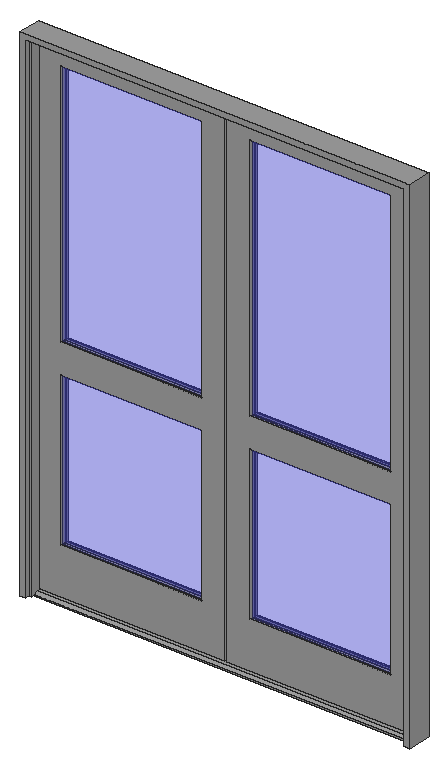
Revit family "MS-375 PIVOT DOOR-Double-VIP-1-CW_v05", category Curtain Panels, Revit 2015
Parameters
  Width [instance] = 6' - 2"
  VIP2 Panic Devices [instance] = not(VIP1 Panic Devices)  # yes
  URL = "obe.com"
  Rough Width [instance] = 6' - 0"
  Panel Width [instance] = Min Panel Width  # 6' - 0"
  Panel Offset [instance] = 0' - 0"
  Offset [instance] = 0' - 1"
  Model = "MS-375 DOOR"
  Min Rough Width [instance] = if(Rough Width > 6' 1 255/256", Rough Width, 6' 2")  # 6' - 2"
  Min Panel Width [instance] = if(Rough Width > 6' 1 255/256", Rough Width - 0' 2", 6' 0")  # 6' - 0"
  Manufacturer = "Oldcastle BuildingEnvelope®"
  Keynote = "08 11 00"
  Height [instance] = 8' - 0"
  Pushbar Height [instance] = 3' - 5 1/4"  # constant formula
  Glass Material = Glass
  Frame Material = Aluminum
  Door Panel Height [instance] = Height - 0' 0 19/32"  # 7' - 11 13/32"
  Description = "MS-375 - 1\" Door Infill"
  Assembly Code = "B2030"
  Analytic Construction = "<None>"
  VIP1 Panic Devices [instance] = no
  10 Bottom Rail [instance] = not([8 Bottom Rail])  # no
  8 Bottom Rail [instance] = yes
Reference planes (in)
  plane 1 "Front": y = 0
  plane 2: z = 0
  plane 3 "Center (Left/Right)": x = 0
  plane 4 "Left": x = -37
  plane 5 "Right": x = 37
  plane 6 "Top": z = 96
  plane 7 "Offset": y = -1
  plane 8: y = -2.28244
  plane 9: y = -2.28244
  plane 10: x = -37
  plane 11: x = 37
Forms (in)
  Sweep 1, solid, material "Aluminum" <- "Frame Material"
    path origin (0, -1, 0) x (-1, 0, 0) y (0, 0, 1)
      loop
        line (37, 0) -> (37, 96)
    profile origin (-37, -1, 48) x (1, 0, 0) y (0, 1, 0)
      loop
        line (1, -1.97) -> (1, 0) -> (0, 0) -> (0, -4.5) -> (1, -4.5) -> (1, -3.595) -> (1.5, -3.595) -> (1.5, -1.97) -> (1, -1.97)
  Sweep 2, solid, material "Aluminum" <- "Frame Material"
    path origin (0, -1, 0) x (-1, 0, 0) y (0, 0, 1)
      loop
        line (-37, 0) -> (-37, 96)
    profile origin (37, -1, 48) x (1, 0, 0) y (0, 1, 0)
      loop
        line (-1, -1.97) -> (-1.5, -1.97) -> (-1.5, -3.595) -> (-1, -3.595) -> (-1, -4.5) -> (0, -4.5) -> (0, 0) -> (-1, 0) -> (-1, -1.97)
  Extrusion 3, solid, material "Aluminum" <- "Frame Material"
    sketch origin (-37, 0, 0) x (0, -1, 0) y (0, 0, 1)
      loop
        line (2.97, 94.5) -> (4.595, 94.5) -> (4.595, 95) -> (5.5, 95) -> (5.5, 96) -> (1, 96) -> (1, 95) -> (2.97, 95) -> (2.97, 94.5)
    from -74 to 0
Cuts and joins
  joined: Sweep 1, Sweep 2, Extrusion 3
Text (in)
  text "Exterior" at (-54.29358, 31.38743, 0), in view "Ref. Level"
  text "Exterior" at (480, 41.53993, 89.60405), in view "Right"
  text "Exterior" at (-240, 57.82419, 105.78864), in view "Left"
Dimensions and locks (in)
  equal spacing: plane 4 "Left", plane 3 "Center (Left/Right)", plane 5 "Right"
  "Width": plane 4 "Left" to plane 5 "Right"
  "Height": plane 6 "Top" to plane 2
  "Offset": plane 1 "Front" to plane 7 "Offset"
  locked: plane 7 "Offset" to plane 8 at 1.28244
  locked: plane 7 "Offset" to plane 9 at 1.28244
  locked: plane 7 "Offset" to nested 3 at 1.28244
  Extrusion 3 sketch curve to Extrusion 3 sketch curve to Extrusion 3 sketch curve = 0' - 0 1/2" locked, 0' - 0" locked
  Extrusion 3 sketch curve to Extrusion 3 sketch curve to Extrusion 3 sketch curve to Extrusion 3 sketch curve = 0' - 1.97" locked, 0' - 1 5/8" locked, 0' - 0.905" locked
  locked: Extrusion 3 sketch curve to Extrusion 3 sketch curve at 1
  equal spacing: plane 10, plane 3 "Center (Left/Right)", plane 11
  "Min Rough Width": plane 10 to plane 11
  aligned and locked: level to plane 2
  aligned and locked: nested 1 to plane 8
  aligned and locked: plane 9 to nested 2
  aligned and locked: plane 6 "Top" to Sweep 1 sketch curve
  aligned and locked: level to Sweep 1 sketch curve
  aligned and locked: plane 6 "Top" to Sweep 2 sketch curve
  aligned and locked: level to Sweep 2 sketch curve
  aligned and locked: plane 6 "Top" to nested 3
  aligned and locked: Extrusion 3 to plane 6 "Top"
  aligned and locked: Extrusion 3 sketch curve to plane 6 "Top"
  aligned and locked: plane 3 "Center (Left/Right)" to nested 4
  aligned and locked: nested 4 to plane 7 "Offset"  (x2)
  aligned and locked: nested 2 to plane 10
  aligned and locked: plane 11 to nested 1
  aligned and locked: plane 11 to Sweep 2 sketch curve
  aligned and locked: Sweep 1 sketch curve to plane 10
  aligned and locked: cut or joined group of Sweep 1, Sweep 2, Extrusion 3 to plane 10
  aligned and locked: cut or joined group of Sweep 1, Sweep 2, Extrusion 3 to plane 11
Automatic sketch dimensions
  Sweep 1 sketch curve to profile plane = 0' - 0"
  Sweep 1 sketch curve to plane 7 "Offset" = 0' - 0"
  Sweep 1 sketch curve to profile plane = 0' - 1"  (x2)
  Sweep 1 sketch curve to Sweep 1 sketch curve = 0' - 0 1/2"
  Sweep 1 sketch curve to plane 7 "Offset" = 0' - 1.97"
  Sweep 1 sketch curve to Sweep 1 sketch curve = 0' - 1 5/8"
  Sweep 1 sketch curve to Sweep 1 sketch curve = 0' - 0.905"
  Sweep 2 sketch curve to plane 7 "Offset" = 0' - 0"
  Sweep 2 sketch curve to profile plane = 0' - 0"
  profile plane to Sweep 2 sketch curve = 0' - 1"  (x2)
  Sweep 2 sketch curve to Sweep 2 sketch curve = 0' - 0 1/2"
  Sweep 2 sketch curve to plane 7 "Offset" = 0' - 1.97"
  Sweep 2 sketch curve to Sweep 2 sketch curve = 0' - 1 5/8"
  Sweep 2 sketch curve to Sweep 2 sketch curve = 0' - 0.905"
  Extrusion 3 sketch curve to plane 7 "Offset" = 0' - 0"
Nested families (in)
  nested 1: "2.5x6-RTCIG CW-H8533-DHD-OHD SC-DI" at (37, -2.28244, 0) x (0, -1, 0) z (0, 0, 1), type "2.5x6-RTCIG CW-H8533-DHD-OHD SC-DI"
  nested 2: "2.5x6-RTCIG CW-H8533-DHD-OHD SC-DI" at (-37, -2.28244, 0) x (0, -1, 0) z (0, 0, 1), type "2.5x6-RTCIG CW-H8533-DHD-OHD SC-DI"
  nested 3: "2.5x6-RTCIG CW-H8533-DHD-OHD SC-DI" at (-33, -2.28244, 96) x (0, -1, 0) z (-1, 0, 0), type "2.5x6-RTCIG CW-H8533-DHD-OHD SC-DI"
  nested 4: "MS-375 PIVOT DOOR-Double-VIP-1-Panel_v04" at (0, -17, 0), Height <- "Door Panel Height", Frame Material <- "Frame Material", Glass Material <- "Glass Material", Width <- "Min Panel Width", 8 Bottom Rail <- "8 Bottom Rail", VIP 1 Panic Devices <- "VIP1 Panic Devices", type "MS-375 PIVOT DOOR-Double-VIP-1-Panel_v02"
    with Wing Width 3' - 0", built-in parameter 1001301 6' - 0", VIP 2 Panic Devices yes, VIP 1 Panic Devices no, Pushbar Height 3' - 5 1/4", Offset 0' - 0", built-in parameter 1001300 7' - 11 13/32", Glass at Muntin 0' - 4 15/16", Glass Material Glass, Frame Material Aluminum, Bottom Rail 0' - 9 5/32", 8 Bottom Rail yes, 10 Bottom Rail no
Definition of nested family "MS-375 PIVOT DOOR-Double-VIP-1-Panel_v04"
  Parameters (values of type "MS-375 PIVOT DOOR-Double-VIP-1-Panel_v02")
    Wing Width [instance] = Width / 2  # 3' - 0"
    Width [instance] = 6' - 0"
    VIP 2 Panic Devices [instance] = not(VIP 1 Panic Devices)  # no
    VIP 1 Panic Devices [instance] = yes
    Offset [instance] = 0' - 10 15/16"
    Height [instance] = 8' - 0"
    Glass at Muntin [instance] = if(VIP 2 Panic Devices, 0' 4 15/16", 0' 8 15/16")  # 0' - 8 15/16"
    Pushbar Height [instance] = 3' - 5 1/4"  # constant formula
    Glass Material [instance] = none
    Frame Material [instance] = none
    Bottom Rail [instance] = if([8 Bottom Rail], 0' 9 5/32", 0' 11 5/32")  # 0' - 9 5/32"
    Analytic Construction = "<None>"
    10 Bottom Rail [instance] = not([8 Bottom Rail])  # no
    8 Bottom Rail [instance] = yes
  Reference planes (in)
    plane 1 "00": y = 4.0625
    plane 2: z = 0
    plane 3 "Center (Left/Right)": x = 0
    plane 4: z = 96
    plane 5: x = -36
    plane 6: x = 36
    plane 7 "Center (Front/Back)": y = 16
    plane 8 "Exterior": y = 4.5625
    plane 9: z = 48
    plane 10: z = 92.96875
    plane 11: z = 9.15625
    plane 12: z = 45.71875
    plane 13: z = 36.78125
    plane 14: z = 91.99987
    plane 15: z = 0
    plane 16: y = 5.0625
    plane 17: z = 41.25
  Forms (in)
    Sweep 1, solid, material <- "Frame Material"
      path origin (0, 4.0625, 0) x (1, 0, 0) y (0, 0, 1)
        loop
          line (-35.79725, 96) -> (-0.22004, 96)
      profile origin (-18.00864, 4.0625, 96) x (0, 0, 1) y (0, -1, 0)
        loop
          line (-0.40638, -0.875) -> (-0.40638, 0.875) -> (-2.77731, 0.875) -> (-4.28138, 0.875) -> (-4.28138, 0.5) -> (-4.00013, 0.5) -> (-4.00013, -0.5) -> (-4.28138, -0.5) -> (-4.28138, -0.875) -> (-2.77731, -0.875) -> (-0.40638, -0.875)
    Sweep 2, solid, material <- "Frame Material"
      path origin (0, 4.0625, 0) x (1, 0, 0) y (0, 0, 1)
        loop
          line (-0.22004, 0) -> (-35.79725, 0)
      profile origin (-18.00864, 4.0625, 0) x (0, 0, -1) y (0, -1, 0)
        loop
          line (-5.18343, -0.875) -> (-0.6875, -0.875) -> (-0.6875, 0.875) -> (-5.18343, 0.875) -> (-9.4375, 0.875) -> (-9.4375, 0.5) -> (-9.15625, 0.5) -> (-9.15625, -0.5) -> (-9.4375, -0.5) -> (-9.4375, -0.875) -> (-5.18343, -0.875)
    Sweep 3, solid, material <- "Frame Material"
      path origin (0, 4.0625, 0) x (1, 0, 0) y (0, 0, 1)
        loop
          line (35.24042, 95.59362) -> (35.24042, 0.6875)
      profile origin (35.24042, 4.0625, 48.14056) x (0, -1, 0) y (1, 0, 0)
        loop
          line (-0.875, 0.55683) -> (-0.875, -1.4551) -> (-0.875, -3.83417) -> (-0.5, -3.83417) -> (-0.5, -3.55292) -> (0.5, -3.55292) -> (0.5, -3.83417) -> (0.875, -3.83417) -> (0.875, -1.4551) -> (0.875, 0.55683) -> (-0.875, 0.66583) -> (-0.875, 0.55683)
    Sweep 4, solid, material <- "Frame Material"
      path origin (0, 4.0625, 0) x (1, 0, 0) y (0, 0, 1)
        loop
          line (-35.25, 95.59362) -> (-35.25, 0.6875)
      profile origin (-35.25, 4.0625, 48.14056) x (0, -1, 0) y (1, 0, 0)
        loop
          line (-0.875, -0.65625) -> (0.875, -0.54725) -> (0.875, 1.46468) -> (0.875, 3.84375) -> (0.5, 3.84375) -> (0.5, 3.5625) -> (-0.5, 3.5625) -> (-0.5, 3.84375) -> (-0.875, 3.84375) -> (-0.875, 1.46468) -> (-0.875, -0.65625)
    Sweep 5, solid, material <- "Frame Material"
      path origin (0, 4.0625, 0) x (1, 0, 0) y (0, 0, 1)
        loop
          line (-0.22004, 48) -> (-35.79725, 48)
      profile origin (-18.00864, 4.0625, 48) x (0, 0, -1) y (0, -1, 0)
        loop
          line (2, -0.5) -> (2, -0.875) -> (11.5, -0.875) -> (11.5, -0.5) -> (11.21875, -0.5) -> (11.21875, 0.5) -> (11.5, 0.5) -> (11.5, 0.875) -> (2, 0.875) -> (2, 0.5) -> (2.28125, 0.5) -> (2.28125, -0.5) -> (2, -0.5)
    Sweep 6, solid, material <- "Frame Material"
      path origin (0, 4.0625, 0) x (1, 0, 0) y (0, 0, 1)
        loop
          line (0, 95.59362) -> (0, 0.6875)
      profile origin (0, 4.0625, 48.14056) x (0, -1, 0) y (1, 0, 0)
        loop
          line (-0.875, -0.22004) -> (-0.875, -2.18343) -> (-0.875, -4.5625) -> (-0.5, -4.5625) -> (-0.5, -4.28125) -> (0.5, -4.28125) -> (0.5, -4.5625) -> (0.875, -4.5625) -> (0.875, -2.18343) -> (0.875, -0.22004)
          arc (0.875, -0.22004) -> (0, -0.0625) -> (-0.875, -0.22004) r 2.50872
        loop
          arc (-0.875, 0.22004) -> (0, 0.0625) -> (0.875, 0.22004) r 2.50872
          line (0.875, 0.22004) -> (0.875, 2.18343) -> (0.875, 4.5625) -> (0.5, 4.5625) -> (0.5, 4.28125) -> (0.252, 4.28125) -> (-0.5, 4.28125) -> (-0.5, 4.5625) -> (-0.875, 4.5625) -> (-0.875, 2.18343) -> (-0.875, 0.22004)
    Sweep 7, solid, material <- "Frame Material"
      path origin (0, 4.0625, 0) x (1, 0, 0) y (0, 0, 1)
        loop
          line (0.22004, 96) -> (35.79725, 96)
      profile origin (18.00864, 4.0625, 96) x (0, 0, 1) y (0, -1, 0)
        loop
          line (-0.40638, -0.875) -> (-0.40638, 0.875) -> (-2.77731, 0.875) -> (-4.28138, 0.875) -> (-4.28138, 0.5) -> (-4.00013, 0.5) -> (-4.00013, -0.5) -> (-4.28138, -0.5) -> (-4.28138, -0.875) -> (-2.77731, -0.875) -> (-0.40638, -0.875)
    Sweep 8, solid, material <- "Frame Material"
      path origin (0, 4.0625, 0) x (1, 0, 0) y (0, 0, 1)
        loop
          line (35.79725, 48) -> (0.22004, 48)
      profile origin (18.00864, 4.0625, 48) x (0, 0, -1) y (0, -1, 0)
        loop
          line (2, -0.5) -> (2, -0.875) -> (11.5, -0.875) -> (11.5, -0.5) -> (11.21875, -0.5) -> (11.21875, 0.5) -> (11.5, 0.5) -> (11.5, 0.875) -> (2, 0.875) -> (2, 0.5) -> (2.28125, 0.5) -> (2.28125, -0.5) -> (2, -0.5)
    Sweep 9, solid, material <- "Frame Material"
      path origin (0, 4.0625, 0) x (1, 0, 0) y (0, 0, 1)
        loop
          line (35.79725, 0) -> (0.22004, 0)
      profile origin (18.00864, 4.0625, 0) x (0, 0, -1) y (0, -1, 0)
        loop
          line (-3.49593, -0.875) -> (-0.6875, -0.875) -> (-0.6875, 0.875) -> (-3.49593, 0.875) -> (-9.4375, 0.875) -> (-9.4375, 0.5) -> (-9.15625, 0.5) -> (-9.15625, -0.5) -> (-9.4375, -0.5) -> (-9.4375, -0.875) -> (-3.49593, -0.875)
    Extrusion 10, solid, material <- "Glass Material", detail levels coarse
      sketch origin (0, 0, 0) x (1, 0, 0) y (0, 1, 0)
        loop
          line (4.28125, 4.5625) -> (4.28125, 3.5625) -> (31.6875, 3.5625) -> (31.6875, 4.5625) -> (4.28125, 4.5625)
      from 36.78125 to 9.15625
    Extrusion 11, solid, material <- "Glass Material", detail levels medium+fine
      sketch origin (0, 0, 0) x (1, 0, 0) y (0, 1, 0)
        loop
          line (4.28125, 3.5625) -> (31.6875, 3.5625) -> (31.6875, 3.8105) -> (4.28125, 3.8105) -> (4.28125, 3.5625)
        loop
          line (31.6875, 4.5625) -> (4.28125, 4.5625) -> (4.28125, 4.3145) -> (31.6875, 4.3145) -> (31.6875, 4.5625)
      from 9.15625 to 36.78125
    Extrusion 12, solid, material <- "Glass Material", detail levels medium+fine
      sketch origin (0, 0, 0) x (1, 0, 0) y (0, 1, 0)
        loop
          line (4.28125, 4.5625) -> (4.28125, 4.3145) -> (31.6875, 4.3145) -> (31.6875, 4.5625) -> (4.28125, 4.5625)
        loop
          line (31.6875, 3.5625) -> (31.6875, 3.8105) -> (4.28125, 3.8105) -> (4.28125, 3.5625) -> (31.6875, 3.5625)
      from 45.71875 to 91.99987
    Extrusion 13, solid, material <- "Glass Material", detail levels coarse
      sketch origin (0, 0, 0) x (1, 0, 0) y (0, 1, 0)
        loop
          line (4.28125, 4.5625) -> (4.28125, 3.5625) -> (31.6875, 3.5625) -> (31.6875, 4.5625) -> (4.28125, 4.5625)
      from 45.71875 to 91.99987
    Extrusion 14, solid, material <- "Glass Material", detail levels medium+fine
      sketch origin (0, 0, 0) x (1, 0, 0) y (0, 1, 0)
        loop
          line (-31.6875, 3.5625) -> (-4.28125, 3.5625) -> (-4.28125, 3.8105) -> (-31.6875, 3.8105) -> (-31.6875, 3.5625)
        loop
          line (-4.28125, 4.5625) -> (-31.6875, 4.5625) -> (-31.6875, 4.3145) -> (-4.28125, 4.3145) -> (-4.28125, 4.5625)
      from 9.15625 to 36.78125
    Extrusion 15, solid, material <- "Glass Material", detail levels coarse
      sketch origin (0, 0, 0) x (1, 0, 0) y (0, 1, 0)
        loop
          line (-31.6875, 4.5625) -> (-31.6875, 3.5625) -> (-4.31233, 3.5625) -> (-4.28125, 3.5625) -> (-4.28125, 4.5625) -> (-31.6875, 4.5625)
      from 45.71875 to 91.99987
    Extrusion 16, solid, material <- "Glass Material", detail levels coarse
      sketch origin (0, 0, 0) x (1, 0, 0) y (0, 1, 0)
        loop
          line (-31.6875, 4.5625) -> (-31.6875, 3.5625) -> (-4.28125, 3.5625) -> (-4.28125, 4.5625) -> (-31.6875, 4.5625)
      from 9.15625 to 36.78125
    Extrusion 17, solid, material <- "Glass Material", detail levels medium+fine
      sketch origin (0, 0, 0) x (1, 0, 0) y (0, 1, 0)
        loop
          line (-31.6875, 4.5625) -> (-31.6875, 4.3145) -> (-4.28125, 4.3145) -> (-4.28125, 4.5625) -> (-31.6875, 4.5625)
        loop
          line (-31.6875, 3.8105) -> (-31.6875, 3.5625) -> (-4.28125, 3.5625) -> (-4.28125, 3.8105) -> (-31.6875, 3.8105)
      from 45.71875 to 91.99987
    Sweep 18, solid, material <- "Frame Material"
      path origin (0, 4.0625, 0) x (1, 0, 0) y (0, 0, 1)
        loop
          line (-35.79725, 0) -> (35.79725, 0)
      profile origin (0, 4.0625, 0) x (0, 0, 1) y (0, -1, 0)
        loop
          line (0.5, 1.5305) -> (0.19364, 2.1875) -> (0, 2.1875) -> (0, -1.8125) -> (0.19364, -1.8125) -> (0.5, -1.1555) -> (0.5, 1.5305)
  Cuts and joins
    joined: Sweep 1, Sweep 2, Sweep 3, Sweep 4, Sweep 5, Sweep 6, Sweep 7, Sweep 8, Sweep 9
  Lines and regions (in)
    model lines
      curve 1: line (4.5625, 4.5625, 91.71862) -> (31.6875, 4.5625, 48.02216)
      curve 2: line (31.6875, 4.5625, 48.02216) -> (4.5625, 4.5625, 9.4375)
      curve 3: line (-4.5625, 4.5625, 91.71862) -> (-31.40625, 4.5625, 48)
      curve 4: line (-31.40625, 4.5625, 48) -> (-4.5625, 4.5625, 9.4375)
  Dimensions and locks (in)
    "Height": plane 4 to level
    equal spacing: plane 5, plane 3 "Center (Left/Right)", plane 6
    "Width": plane 5 to plane 6
    "Offset": plane 16 to plane 7 "Center (Front/Back)"
    plane 1 "00" to plane 8 "Exterior" to plane 16 = 0' - 0 1/2" locked, 0' - 0 1/2" locked
    equal spacing: level, plane 9, plane 4
    locked: plane 3 "Center (Left/Right)" to Sweep 2 sketch curve at 0.22004
    locked: Sweep 3 sketch curve to plane 4 at 0.40638
    locked: Sweep 4 sketch curve to plane 4 at 0.40638
    locked: plane 3 "Center (Left/Right)" to Sweep 1 sketch curve at 0.22004
    locked: plane 3 "Center (Left/Right)" to Sweep 5 sketch curve at 0.22004
    locked: plane 4 to plane 10 at 3.03125
    locked: Sweep 7 sketch curve to plane 3 "Center (Left/Right)" at 0.22004
    locked: Sweep 8 sketch curve to plane 3 "Center (Left/Right)" at 0.22004
    locked: Sweep 9 sketch curve to plane 3 "Center (Left/Right)" at 0.22004
    locked: Sweep 6 sketch curve to plane 4 at 0.40638
    "Glass at Muntin": plane 12 to plane 13
    "Bottom Rail": plane 11 to plane 2
    locked: Sweep 9 sketch curve to plane 11 at 0.28125  (x2)
    Extrusion 17 to plane 1 "00" = 0' - 0.252"
    locked: Sweep 2 sketch curve to plane 11 at 0.28125  (x2)
    locked: Sweep 5 sketch curve to plane 12 at 0.28125  (x2)
    locked: plane 13 to Sweep 5 sketch curve at 0.28125  (x2)
    equal spacing: plane 4, plane 9, plane 15
    locked: plane 14 to Sweep 7 sketch curve at 0.28125  (x2)
    locked: plane 4 to plane 14 at 4.00013
    locked: Sweep 8 sketch curve to plane 12 at 0.28125  (x2)
    locked: plane 13 to Sweep 8 sketch curve at 0.28125  (x2)
    Extrusion 13 sketch curve to plane 1 "00" to Extrusion 13 sketch curve = 0' - 0 1/2" locked, 0' - 0 1/2" locked
    Extrusion 12 sketch curve to Extrusion 12 sketch curve to plane 1 "00" to Extrusion 12 sketch curve to Extrusion 12 sketch curve = 0' - 0.248" locked, 0' - 0.252" locked, 0' - 0.252" locked, 0' - 0.248" locked
    Extrusion 11 sketch curve to Extrusion 11 sketch curve to plane 1 "00" to Extrusion 11 sketch curve to Extrusion 11 sketch curve = 0' - 0.248" locked, 0' - 0.252" locked, 0' - 0.252" locked, 0' - 0.248" locked
    Extrusion 10 sketch curve to plane 1 "00" to Extrusion 10 sketch curve = 0' - 0 1/2" locked, 0' - 0 1/2" locked
    equal spacing: plane 12, plane 17, plane 13
    "Pushbar Height": plane 17 to plane 15
    locked: plane 6 to Sweep 18 sketch curve at 0.20275
    locked: Sweep 18 sketch curve to plane 5 at 0.20275
    locked: Sweep 4 sketch curve to plane 15 at 0.6875
    locked: Sweep 6 sketch curve to plane 15 at 0.6875
    locked: Sweep 3 sketch curve to plane 15 at 0.6875
    locked: nested 2 to plane 1 "00" at 1.093
    aligned and locked: plane 2 to level
    aligned and locked: Sweep 1 sketch curve to plane 4
    aligned and locked: Sweep 2 sketch curve to level
    aligned and locked: level to nested 1
    aligned and locked: nested 1 to plane 1 "00"
    aligned and locked: Sweep 5 sketch curve to plane 9
    aligned and locked: plane 3 "Center (Left/Right)" to Sweep 6 sketch curve
    aligned and locked: Sweep 9 sketch curve to level
    aligned and locked: Sweep 8 sketch curve to plane 9
    aligned and locked: plane 4 to Sweep 7 sketch curve
    aligned and locked: Sweep 8 sketch curve to plane 12
    aligned and locked: plane 13 to Sweep 8 sketch curve
    aligned and locked: plane 11 to cut or joined group of Sweep 1, Sweep 2, Sweep 3, Sweep 4, Sweep 5, Sweep 6, Sweep 7, Sweep 8, Sweep 9
    aligned and locked: Extrusion 14 to plane 11
    aligned and locked: plane 13 to Extrusion 14
    aligned and locked: Extrusion 15 to plane 12
    aligned and locked: plane 14 to Extrusion 15
    aligned and locked: Extrusion 17 to plane 12
    aligned and locked: plane 14 to Extrusion 17
    aligned and locked: Extrusion 16 to plane 11
    aligned and locked: plane 13 to Extrusion 16
    aligned and locked: cut or joined group of Sweep 1, Sweep 2, Sweep 3, Sweep 4, Sweep 5, Sweep 6, Sweep 7, Sweep 8, Sweep 9 to plane 13
    aligned and locked: Extrusion 12 to plane 12
    aligned and locked: plane 12 to cut or joined group of Sweep 1, Sweep 2, Sweep 3, Sweep 4, Sweep 5, Sweep 6, Sweep 7, Sweep 8, Sweep 9
    aligned and locked: cut or joined group of Sweep 1, Sweep 2, Sweep 3, Sweep 4, Sweep 5, Sweep 6, Sweep 7, Sweep 8, Sweep 9 to plane 14
    aligned and locked: plane 14 to Extrusion 12
    aligned and locked: plane 14 to Extrusion 13
    aligned and locked: Extrusion 13 to plane 12
    aligned and locked: Extrusion 11 to plane 11
    aligned and locked: Extrusion 10 to plane 11
    aligned and locked: Sweep 7 sketch curve to plane 14
    aligned and locked: cut or joined group of Sweep 1, Sweep 2, Sweep 3, Sweep 4, Sweep 5, Sweep 6, Sweep 7, Sweep 8, Sweep 9 to curve 2
    aligned and locked: curve 3 to cut or joined group of Sweep 1, Sweep 2, Sweep 3, Sweep 4, Sweep 5, Sweep 6, Sweep 7, Sweep 8, Sweep 9
    aligned and locked: cut or joined group of Sweep 1, Sweep 2, Sweep 3, Sweep 4, Sweep 5, Sweep 6, Sweep 7, Sweep 8, Sweep 9 to curve 4
    aligned and locked: cut or joined group of Sweep 1, Sweep 2, Sweep 3, Sweep 4, Sweep 5, Sweep 6, Sweep 7, Sweep 8, Sweep 9 to curve 1
    aligned and locked: plane 9 to curve 3
    aligned and locked: plane 13 to Extrusion 10
    aligned and locked: plane 13 to Extrusion 11
    aligned and locked: Sweep 9 sketch curve to plane 11
    aligned and locked: nested 2 to plane 3 "Center (Left/Right)"
    aligned and locked: Sweep 18 sketch curve to plane 15
  Automatic sketch dimensions
    Sweep 1 sketch curve to plane 1 "00" = 0' - 0 1/2"
    profile plane to Sweep 1 sketch curve = 0' - 4.28138"
    Sweep 1 sketch curve to Sweep 1 sketch curve = 0' - 0"
    Sweep 1 sketch curve to Sweep 1 sketch curve = 0' - 0 9/32"
    Sweep 1 sketch curve to Sweep 1 sketch curve = 0' - 1.22282"  (x2)
    profile plane to Sweep 1 sketch curve = 0' - 0.40638"
    Sweep 1 sketch curve to plane 1 "00" = 0' - 0 7/8"
    plane 1 "00" to Sweep 1 sketch curve = 0' - 0 1/2"
    Sweep 1 sketch curve to Sweep 1 sketch curve = 0' - 0 3/8"
    Sweep 5 sketch curve to plane 1 "00" = 0' - 0 7/8"
    Sweep 5 sketch curve to Sweep 5 sketch curve = 0' - 0 9/32"  (x2)
    Sweep 5 sketch curve to plane 1 "00" = 0' - 0 1/2"
    plane 1 "00" to Sweep 5 sketch curve = 0' - 0 1/2"  (x2)
    Sweep 5 sketch curve to Sweep 5 sketch curve = 0' - 0 3/8"  (x2)
    plane 1 "00" to Sweep 2 sketch curve = 0' - 0 7/8"
    plane 1 "00" to Sweep 2 sketch curve = 0' - 0 1/2"
    Sweep 2 sketch curve to Sweep 2 sketch curve = 0' - 3.97282"
    Sweep 2 sketch curve to Sweep 2 sketch curve = 0' - 0 9/32"
    Sweep 2 sketch curve to plane 1 "00" = 0' - 0 1/2"
    Sweep 2 sketch curve to Sweep 2 sketch curve = 0' - 0"
    Sweep 4 sketch curve to plane 1 "00" = 0' - 0 7/8"
    Sweep 4 sketch curve to Sweep 4 sketch curve = 0' - 0 3/8"  (x2)
    plane 1 "00" to Sweep 4 sketch curve = 0' - 0 1/2"
    profile plane to Sweep 4 sketch curve = 0' - 0 21/32"
    Sweep 4 sketch curve to Sweep 4 sketch curve = 0' - 2.12093"
    Sweep 4 sketch curve to Sweep 4 sketch curve = 0' - 0"
    Sweep 4 sketch curve to Sweep 4 sketch curve = 0' - 2.09782"
    Sweep 4 sketch curve to Sweep 4 sketch curve = 0' - 0 9/32"  (x2)
    profile plane to Sweep 4 sketch curve = 0' - 0.54725"
    plane 1 "00" to Sweep 6 sketch curve = 0' - 0"  (x2)
    Sweep 6 sketch curve to plane 1 "00" = 0' - 0 1/2"
    Sweep 6 sketch curve to plane 1 "00" = 0' - 0 7/8"  (x2)
    plane 1 "00" to Sweep 6 sketch curve = 0' - 0.252"
    Sweep 6 sketch curve to Sweep 6 sketch curve = 0' - 0.248"
    plane 1 "00" to Sweep 6 sketch curve = 0' - 0 1/2"
    Sweep 6 sketch curve to Sweep 6 sketch curve = 0' - 0 3/8"  (x3)
    profile plane to Sweep 6 sketch curve = 0' - 4 9/16"
    Sweep 6 sketch curve to Sweep 6 sketch curve = 0' - 0"  (x2)
    Sweep 6 sketch curve to Sweep 6 sketch curve = 0' - 0 9/32"  (x3)
    Sweep 6 sketch curve to Sweep 6 sketch curve = 0' - 1.71003"  (x2)
    Sweep 6 sketch curve to Sweep 6 sketch curve = 0' - 0.38779"  (x3)
    profile plane to Sweep 6 sketch curve = 0' - 0.22004"
    Sweep 6 sketch curve to profile plane = 0' - 0.22004"
    Sweep 6 sketch curve to Sweep 6 sketch curve = 0' - 1.96339"
    Sweep 3 sketch curve to plane 1 "00" = 0' - 0 7/8"
    Sweep 3 sketch curve to Sweep 3 sketch curve = 0' - 0 3/8"
    plane 1 "00" to Sweep 3 sketch curve = 0' - 0 1/2"
    plane 1 "00" to Sweep 3 sketch curve = 0' - 0 7/8"
    profile plane to Sweep 3 sketch curve = 0' - 3.83417"
    Sweep 3 sketch curve to Sweep 3 sketch curve = 0' - 0"  (x2)
    Sweep 3 sketch curve to Sweep 3 sketch curve = 0' - 0 9/32"
    Sweep 3 sketch curve to Sweep 3 sketch curve = 0' - 2.09782"
    Sweep 3 sketch curve to profile plane = 0' - 0.55683"  (x2)
    Sweep 3 sketch curve to Sweep 3 sketch curve = 0' - 0.109"
    Sweep 7 sketch curve to plane 1 "00" = 0' - 0 1/2"
    Sweep 7 sketch curve to Sweep 7 sketch curve = 0' - 1.22282"  (x2)
    profile plane to Sweep 7 sketch curve = 0' - 0.40638"
    Sweep 7 sketch curve to plane 1 "00" = 0' - 0 7/8"
    plane 1 "00" to Sweep 7 sketch curve = 0' - 0 1/2"
    Sweep 7 sketch curve to Sweep 7 sketch curve = 0' - 0 3/8"
    Sweep 9 sketch curve to plane 1 "00" = 0' - 0 7/8"
    Sweep 9 sketch curve to plane 1 "00" = 0' - 0 1/2"
    plane 1 "00" to Sweep 9 sketch curve = 0' - 0 1/2"
    Sweep 9 sketch curve to Sweep 9 sketch curve = 0' - 0"
    Sweep 9 sketch curve to Sweep 9 sketch curve = 0' - 0 3/8"
    plane 3 "Center (Left/Right)" to Extrusion 10 sketch curve = 0' - 4 9/32"
    plane 3 "Center (Left/Right)" to Extrusion 11 sketch curve = 0' - 4 9/32"
    Extrusion 11 sketch curve to Extrusion 11 sketch curve = 0' - 0"  (x2)
    plane 3 "Center (Left/Right)" to Extrusion 13 sketch curve = 0' - 4 9/32"
    plane 3 "Center (Left/Right)" to Extrusion 12 sketch curve = 0' - 4 9/32"
    Extrusion 12 sketch curve to Extrusion 12 sketch curve = 0' - 0"  (x2)
    plane 1 "00" to Extrusion 14 sketch curve = 0' - 0 1/2"
    Extrusion 14 sketch curve to plane 8 "Exterior" = 0' - 0"
    Extrusion 14 sketch curve to Extrusion 14 sketch curve = 0' - 0"  (x2)
    plane 8 "Exterior" to Extrusion 14 sketch curve = 0' - 0.248"
    Extrusion 14 sketch curve to plane 3 "Center (Left/Right)" = 0' - 4 9/32"
    Extrusion 14 sketch curve to Extrusion 14 sketch curve = 0' - 0.248"
    plane 1 "00" to Extrusion 15 sketch curve = 0' - 0 1/2"
    Extrusion 15 sketch curve to plane 3 "Center (Left/Right)" = 0' - 4.31233"
    Extrusion 15 sketch curve to Extrusion 15 sketch curve = 0' - 0.03108"
    Extrusion 15 sketch curve to plane 8 "Exterior" = 0' - 0"
    plane 1 "00" to Extrusion 16 sketch curve = 0' - 0 1/2"
    Extrusion 16 sketch curve to plane 8 "Exterior" = 0' - 0"
    Extrusion 16 sketch curve to plane 3 "Center (Left/Right)" = 0' - 4 9/32"
    Extrusion 17 sketch curve to plane 8 "Exterior" = 0' - 0"
    Extrusion 17 sketch curve to Extrusion 17 sketch curve = 0' - 0"  (x2)
    Extrusion 17 sketch curve to plane 3 "Center (Left/Right)" = 0' - 4 9/32"
    plane 8 "Exterior" to Extrusion 17 sketch curve = 0' - 0.248"
    plane 1 "00" to Extrusion 17 sketch curve = 0' - 0 1/2"
    Extrusion 17 sketch curve to Extrusion 17 sketch curve = 0' - 0.248"
    Sweep 8 sketch curve to plane 1 "00" = 0' - 0 7/8"
    Sweep 8 sketch curve to Sweep 8 sketch curve = 0' - 0 3/8"  (x3)
    plane 1 "00" to Sweep 8 sketch curve = 0' - 0 1/2"  (x2)
    curve 1 to plane 14 = 0' - 0 9/32"
    plane 3 "Center (Left/Right)" to curve 1 = 0' - 4 9/16"
    plane 9 to curve 2 = 0' - 0.02216"
    plane 11 to curve 4 = 0' - 0 9/32"
    plane 11 to curve 2 = 0' - 0 9/32"
    curve 3 to plane 14 = 0' - 0 9/32"
    plane 5 to Sweep 1 sketch curve = 0' - 0.20275"
    plane 5 to Sweep 2 sketch curve = 0' - 0.20275"
    plane 5 to Sweep 4 sketch curve = 0' - 0 3/4"
    plane 5 to Sweep 5 sketch curve = 0' - 0.20275"
    plane 5 to Extrusion 14 sketch curve = 0' - 4 5/16"
    plane 5 to Extrusion 15 sketch curve = 0' - 4 5/16"
    plane 5 to Extrusion 16 sketch curve = 0' - 4 5/16"
    plane 5 to Extrusion 17 sketch curve = 0' - 4 5/16"
    plane 5 to curve 3 = 0' - 4 19/32"
    Sweep 3 sketch curve to plane 6 = 0' - 0.75958"
    Sweep 7 sketch curve to plane 6 = 0' - 0.20275"
    Sweep 8 sketch curve to plane 6 = 0' - 0.20275"
    Sweep 9 sketch curve to plane 6 = 0' - 0.20275"
    Extrusion 10 sketch curve to plane 6 = 0' - 4 5/16"
    Extrusion 11 sketch curve to plane 6 = 0' - 4 5/16"
    Extrusion 12 sketch curve to plane 6 = 0' - 4 5/16"
    Extrusion 13 sketch curve to plane 6 = 0' - 4 5/16"
    Sweep 9 sketch curve to Sweep 9 sketch curve = 0' - 2.80843"
    profile plane to Sweep 9 sketch curve = 0' - 3.49593"
    Sweep 2 sketch curve to plane 1 "00" = 0' - 0 7/8"
    profile plane to Sweep 2 sketch curve = 0' - 0 11/16"
    Sweep 18 sketch curve to profile plane = 0' - 0.19364"  (x2)
    Sweep 18 sketch curve to plane 1 "00" = 0' - 1 13/16"
    Sweep 18 sketch curve to profile plane = 0' - 0"
    Sweep 18 sketch curve to profile plane = 0' - 0 1/2"
    Sweep 18 sketch curve to Sweep 18 sketch curve = 0' - 0.657"  (x2)
    plane 1 "00" to Sweep 18 sketch curve = 0' - 2 3/16"
  Nested families (in)
    nested 1: "MS-375 PIVOT DOOR-Double-VIP-1-Section_v02" at (0, 4.0625, 0) x (0, -1, 0) z (1, 0, 0), Height <- "Height", VIP 1 Panic Devices <- "VIP 1 Panic Devices", 8 Bottom Rail <- "8 Bottom Rail", type "MS-375 PIVOT DOOR-Double-VIP-1-Section_v02"
      with VIP 2 Panic Devices no, VIP 1 Panic Devices yes, Pushbar Height 3' - 5 1/4", Height 8' - 0", Glass at Muntins 0' - 8 15/16", Bottom Rail 0' - 9 5/32", 8 Bottom Rail yes, 10 Bottom Rail no
    nested 2: "MS-375 PIVOT DOOR-Double-VIP-1-Plan View_v02" at (-24, 4.0625, 0), Wing Width <- "Wing Width", Width <- "Width", type "MS-375 PIVOT DOOR-Double-VIP-1-Plan View_v02"
      with Wing Width 3' - 0", Width 6' - 0"
  Definition of nested family "MS-375 PIVOT DOOR-Double-VIP-1-Section_v02"
    Parameters (values of type "MS-375 PIVOT DOOR-Double-VIP-1-Sectionn_v02")
      VIP 2 Panic Devices [instance] = not(VIP 1 Panic Devices)  # no
      VIP 1 Panic Devices [instance] = yes
      Height [instance] = 8' - 0"
      Glass at Muntins [instance] = if(VIP 2 Panic Devices, 0' 4 15/16", 0' 8 15/16")  # 0' - 8 15/16"
      Pushbar Height [instance] = 3' - 5 1/4"  # constant formula
      Bottom Rail [instance] = if([10 Bottom Rail], 0' 11 5/32", 0' 9 5/32")  # 0' - 11 5/32"
      10 Bottom Rail [instance] = not([8 Bottom Rail])  # yes
      8 Bottom Rail [instance] = no
    Reference planes (in)
      plane 1 "Center (Front/Back)": y = 0
      plane 2: z = 0
      plane 3 "Center (Left/Right)": x = 0
      plane 4: y = 11.15625
      plane 5: y = 91.99987
      plane 6: y = 96
      plane 7: y = 45.71875
      plane 8: y = 36.78125
      plane 9: y = 46
      plane 10: y = 41.25
      plane 11: y = 44
    Lines and regions (in)
      detail lines, in view "Ref. Level"
        curve 1: line (-0.5, 91.99987, 0) -> (-0.5, 45.71875, 0)
        curve 10: line (0.5, 91.99987, 0) -> (0.5, 45.71875, 0)
        curve 11: line (-0.5, 36.78125, 0) -> (-0.5, 11.15625, 0)
        curve 20: line (0.5, 36.78125, 0) -> (0.5, 11.15625, 0)
      detail lines, in view "Ref. Level", detail levels fine
        curve 2: line (-0.438, 91.99987, 0) -> (-0.438, 45.71875, 0)
        curve 3: line (-0.376, 91.99987, 0) -> (-0.376, 45.71875, 0)
        curve 4: line (-0.314, 91.99987, 0) -> (-0.314, 45.71875, 0)
        curve 7: line (0.314, 91.99987, 0) -> (0.314, 45.71875, 0)
        curve 8: line (0.376, 91.99987, 0) -> (0.376, 45.71875, 0)
        curve 9: line (0.438, 91.99987, 0) -> (0.438, 45.71875, 0)
        curve 12: line (-0.438, 36.78125, 0) -> (-0.438, 11.15625, 0)
        curve 13: line (-0.376, 36.78125, 0) -> (-0.376, 11.15625, 0)
        curve 14: line (-0.314, 36.78125, 0) -> (-0.314, 11.15625, 0)
        curve 17: line (0.314, 36.78125, 0) -> (0.314, 11.15625, 0)
        curve 18: line (0.376, 36.78125, 0) -> (0.376, 11.15625, 0)
        curve 19: line (0.438, 36.78125, 0) -> (0.438, 11.15625, 0)
      detail lines, in view "Ref. Level", detail levels medium+fine
        curve 5: line (-0.252, 91.99987, 0) -> (-0.252, 45.71875, 0)
        curve 6: line (0.252, 91.99987, 0) -> (0.252, 45.71875, 0)
        curve 15: line (-0.252, 36.78125, 0) -> (-0.252, 11.15625, 0)
        curve 16: line (0.252, 36.78125, 0) -> (0.252, 11.15625, 0)
    Dimensions and locks (in)
      "Bottom Rail": plane 4 to plane 1 "Center (Front/Back)"
      "Height": plane 6 to plane 1 "Center (Front/Back)"
      "Glass at Muntins": plane 8 to plane 7
      nested 1 to plane 6 to plane 5 = 0' - 3.09362" locked, 0' - 4.00013" locked
      equal spacing: plane 8, plane 10, plane 7
      "Pushbar Height": plane 1 "Center (Front/Back)" to plane 10
      plane 10 to plane 11 to plane 9 = 0' - 2 3/4" locked, 0' - 2" locked
      aligned and locked: plane 3 "Center (Left/Right)" to nested 1
      aligned and locked: plane 3 "Center (Left/Right)" to nested 2
      aligned and locked: plane 3 "Center (Left/Right)" to nested 3
      aligned and locked: plane 3 "Center (Left/Right)" to nested 4
      aligned and locked: plane 3 "Center (Left/Right)" to nested 5
      aligned and locked: plane 1 "Center (Front/Back)" to nested 2
      aligned and locked: plane 5 to curve 1
      aligned and locked: plane 5 to curve 2
      aligned and locked: plane 5 to curve 3
      aligned and locked: plane 5 to curve 4
      aligned and locked: plane 5 to curve 5
      aligned and locked: plane 5 to curve 6
      aligned and locked: plane 5 to curve 7
      aligned and locked: plane 5 to curve 8
      aligned and locked: plane 5 to curve 9
      aligned and locked: plane 5 to curve 10
      aligned and locked: plane 7 to curve 1
      aligned and locked: plane 7 to curve 2
      aligned and locked: plane 7 to curve 3
      aligned and locked: plane 7 to curve 4
      aligned and locked: plane 7 to curve 5
      aligned and locked: plane 7 to curve 6
      aligned and locked: plane 7 to curve 7
      aligned and locked: plane 7 to curve 8
      aligned and locked: plane 7 to curve 9
      aligned and locked: plane 7 to curve 10
      aligned and locked: plane 4 to curve 11
      aligned and locked: plane 4 to curve 12
      aligned and locked: plane 4 to curve 13
      aligned and locked: plane 4 to curve 14
      aligned and locked: plane 4 to curve 15
      aligned and locked: plane 4 to curve 16
      aligned and locked: plane 4 to curve 17
      aligned and locked: plane 4 to curve 18
      aligned and locked: plane 4 to curve 19
      aligned and locked: plane 4 to curve 20
      aligned and locked: plane 8 to curve 20
      aligned and locked: plane 8 to curve 19
      aligned and locked: plane 8 to curve 18
      aligned and locked: plane 8 to curve 17
      aligned and locked: plane 8 to curve 16
      aligned and locked: plane 8 to curve 15
      aligned and locked: plane 8 to curve 14
      aligned and locked: plane 8 to curve 13
      aligned and locked: plane 8 to curve 12
      aligned and locked: plane 8 to curve 11
      aligned and locked: plane 5 to nested 1  (x11)
      aligned and locked: plane 1 "Center (Front/Back)" to nested 3
      aligned and locked: plane 9 to nested 4
      aligned and locked: plane 11 to nested 5
    Automatic sketch dimensions
      curve 1 to plane 3 "Center (Left/Right)" = 0' - 0 1/2"
      curve 11 to plane 3 "Center (Left/Right)" = 0' - 0 1/2"
      curve 1 to curve 2 = 0' - 0.062"
      curve 11 to curve 12 = 0' - 0.062"
      curve 2 to curve 3 = 0' - 0.062"
      curve 12 to curve 13 = 0' - 0.062"
      curve 13 to curve 14 = 0' - 0.062"
      curve 3 to curve 4 = 0' - 0.062"
      curve 4 to curve 5 = 0' - 0.062"
      curve 14 to curve 15 = 0' - 0.062"
      plane 3 "Center (Left/Right)" to curve 6 = 0' - 0.252"
      plane 3 "Center (Left/Right)" to curve 16 = 0' - 0.252"
      curve 6 to curve 7 = 0' - 0.062"
      curve 16 to curve 17 = 0' - 0.062"
      curve 17 to curve 18 = 0' - 0.062"
      curve 7 to curve 8 = 0' - 0.062"
      curve 8 to curve 9 = 0' - 0.062"
      curve 18 to curve 19 = 0' - 0.062"
      curve 9 to curve 10 = 0' - 0.062"
      curve 19 to curve 20 = 0' - 0.062"
    Nested families (in)
      nested 1: "TOP RAIL-DI" at (0, 99.09362, 0), type "TOP RAIL-DI", in view "Ref. Level"
      nested 2: "8 BOT RAIL-DI" at (0, 9.4375, 0), visible <- "8 Bottom Rail", type "4 BOT RAIL-DI", in view "Ref. Level"
      nested 3: "10 BOT RAIL-DI" at (0, 11.4375, 0), visible <- "10 Bottom Rail", type "6.5 BOT RAIL-DI", in view "Ref. Level"
      nested 4: "MIDRAIL-VIP1-DI" at (0, 46, 0), visible <- "VIP 1 Panic Devices", type "MIDRAIL-VIP1-DI", in view "Ref. Level"
      nested 5: "MIDRAIL-VIP2-DI" at (0, 44, 0), visible <- "VIP 2 Panic Devices", type "MIDRAIL-VIP2-DI", in view "Ref. Level"
    Definition of nested family "TOP RAIL-DI"
      Reference planes (in)
        plane 1 "Center (Front/Back)": y = 0
        plane 2: z = 0
        plane 3 "Center (Left/Right)": x = 0
      Lines and regions (in)
        detail lines, in view "Ref. Level"
          curve 1: line (-0.875, -3.625, 0) -> (0.875, -3.625, 0)
          curve 2: line (0.875, -3.625, 0) -> (0.875, -7.375, 0)
          curve 3: line (0.875, -7.375, 0) -> (0.5, -7.375, 0)
          curve 4: line (0.5, -7.375, 0) -> (0.5, -7.09375, 0)
          curve 5: line (0.5, -7.09375, 0) -> (-0.5, -7.09375, 0)
          curve 6: line (-0.5, -7.09375, 0) -> (-0.5, -7.375, 0)
          curve 7: line (-0.5, -7.375, 0) -> (-0.875, -7.375, 0)
          curve 8: line (-0.875, -7.375, 0) -> (-0.875, -3.625, 0)
    Definition of nested family "8 BOT RAIL-DI"
      Reference planes (in)
        plane 1 "Center (Front/Back)": y = 0
        plane 2: z = 0
        plane 3 "Center (Left/Right)": x = 0
      Lines and regions (in)
        detail lines, in view "Ref. Level"
          curve 1: line (-0.875, 0, 0) -> (-0.5, 0, 0)
          curve 2: line (-0.5, 0, 0) -> (-0.5, -0.28125, 0)
          curve 3: line (-0.5, -0.28125, 0) -> (0.5, -0.28125, 0)
          curve 4: line (0.5, -0.28125, 0) -> (0.5, 0, 0)
          curve 5: line (0.5, 0, 0) -> (0.875, 0, 0)
          curve 6: line (0.875, 0, 0) -> (0.875, -8.75, 0)
          curve 7: line (0.875, -8.75, 0) -> (-0.875, -8.75, 0)
          curve 8: line (-0.875, -8.75, 0) -> (-0.875, 0, 0)
          curve 9: line (-1.1555, -8.9375, 0) -> (-1.8125, -9.24386, 0)
          curve 10: line (-1.8125, -9.24386, 0) -> (-1.8125, -9.43749, 0)
          curve 11: line (-1.8125, -9.43749, 0) -> (2.1875, -9.43749, 0)
          curve 12: line (2.1875, -9.43749, 0) -> (2.1875, -9.24386, 0)
          curve 13: line (2.1875, -9.24386, 0) -> (1.5305, -8.9375, 0)
          curve 14: line (1.5305, -8.9375, 0) -> (-1.1555, -8.9375, 0)
    Definition of nested family "10 BOT RAIL-DI"
      Reference planes (in)
        plane 1 "Center (Front/Back)": y = 0
        plane 2: z = 0
        plane 3 "Center (Left/Right)": x = 0
      Lines and regions (in)
        detail lines, in view "Ref. Level"
          curve 1: line (-0.875, 0, 0) -> (-0.5, 0, 0)
          curve 2: line (-0.5, 0, 0) -> (-0.5, -0.28125, 0)
          curve 3: line (-0.5, -0.28125, 0) -> (0.5, -0.28125, 0)
          curve 4: line (0.5, -0.28125, 0) -> (0.5, 0, 0)
          curve 5: line (0.5, 0, 0) -> (0.875, 0, 0)
          curve 6: line (0.875, 0, 0) -> (0.875, -10.75, 0)
          curve 7: line (0.875, -10.75, 0) -> (-0.875, -10.75, 0)
          curve 8: line (-0.875, -10.75, 0) -> (-0.875, 0, 0)
          curve 9: line (2.1875, -11.24386, 0) -> (1.5305, -10.9375, 0)
          curve 10: line (1.5305, -10.9375, 0) -> (-1.1555, -10.9375, 0)
          curve 11: line (-1.1555, -10.9375, 0) -> (-1.8125, -11.24386, 0)
          curve 12: line (-1.8125, -11.24386, 0) -> (-1.8125, -11.43749, 0)
          curve 13: line (-1.8125, -11.43749, 0) -> (2.1875, -11.43749, 0)
          curve 14: line (2.1875, -11.43749, 0) -> (2.1875, -11.24386, 0)
    Definition of nested family "MIDRAIL-VIP1-DI"
      Reference planes (in)
        plane 1 "Center (Front/Back)": y = 0
        plane 2: z = 0
        plane 3 "Center (Left/Right)": x = 0
      Lines and regions (in)
        detail lines, in view "Ref. Level"
          curve 1: line (-0.875, 0, 0) -> (-0.5, 0, 0)
          curve 2: line (-0.5, 0, 0) -> (-0.5, -0.28125, 0)
          curve 3: line (-0.5, -0.28125, 0) -> (0.5, -0.28125, 0)
          curve 4: line (0.5, -0.28125, 0) -> (0.5, 0, 0)
          curve 5: line (0.5, 0, 0) -> (0.875, 0, 0)
          curve 6: line (0.875, 0, 0) -> (0.875, -9.5, 0)
          curve 7: line (0.875, -9.5, 0) -> (0.5, -9.5, 0)
          curve 8: line (0.5, -9.5, 0) -> (0.5, -9.21875, 0)
          curve 9: line (0.5, -9.21875, 0) -> (-0.5, -9.21875, 0)
          curve 10: line (-0.5, -9.21875, 0) -> (-0.5, -9.5, 0)
          curve 11: line (-0.5, -9.5, 0) -> (-0.875, -9.5, 0)
          curve 12: line (-0.875, -9.5, 0) -> (-0.875, 0, 0)
    Definition of nested family "MIDRAIL-VIP2-DI"
      Reference planes (in)
        plane 1 "Center (Front/Back)": y = 0
        plane 2: z = 0
        plane 3 "Center (Left/Right)": x = 0
      Lines and regions (in)
        detail lines, in view "Ref. Level"
          curve 1: line (-0.875, 0, 0) -> (-0.5, 0, 0)
          curve 2: line (-0.5, 0, 0) -> (-0.5, -0.28125, 0)
          curve 3: line (-0.5, -0.28125, 0) -> (0.5, -0.28125, 0)
          curve 4: line (0.5, -0.28125, 0) -> (0.5, 0, 0)
          curve 5: line (0.5, 0, 0) -> (0.875, 0, 0)
          curve 6: line (0.875, 0, 0) -> (0.875, -5.5, 0)
          curve 7: line (0.875, -5.5, 0) -> (0.5, -5.5, 0)
          curve 8: line (0.5, -5.5, 0) -> (0.5, -5.21875, 0)
          curve 9: line (0.5, -5.21875, 0) -> (-0.5, -5.21875, 0)
          curve 10: line (-0.5, -5.21875, 0) -> (-0.5, -5.5, 0)
          curve 11: line (-0.5, -5.5, 0) -> (-0.875, -5.5, 0)
          curve 12: line (-0.875, -5.5, 0) -> (-0.875, 0, 0)
  Definition of nested family "MS-375 PIVOT DOOR-Double-VIP-1-Plan View_v02"
    Parameters (values of type "MS-375 PIVOT DOOR-Double-VIP-1-Plan View_v02")
      Wing Width [instance] = Width / 2  # 3' - 0"
      Width [instance] = 6' - 0"
    Reference planes (in)
      plane 1 "Center (Front/Back)": y = 0
      plane 2: z = 0
      plane 3 "Center (Left/Right)": x = 24
      plane 4: x = -12
      plane 5: x = -10.6862
      plane 6: x = 58.6862
      plane 7: x = 60
      plane 8: y = 1.093
      plane 9: x = -11.9375
      plane 10: y = -1.25
      plane 11: y = -37.25
      plane 12: x = 59.9375
      plane 13: y = -1.25
    Lines and regions (in)
      detail lines, in view "Ref. Level", not visible
        curve 1: line (-7.6875, 0.5, 0) -> (19.71875, 0.5, 0)
        curve 2: line (-7.6875, -0.5, 0) -> (19.71875, -0.5, 0)
        curve 13: line (-7.6875, -0.252, 0) -> (19.71875, -0.252, 0)
        curve 14: line (-7.6875, 0.252, 0) -> (19.71875, 0.252, 0)
        curve 15: line (55.6875, 0.5, 0) -> (28.28125, 0.5, 0)
        curve 16: line (55.6875, -0.5, 0) -> (28.28125, -0.5, 0)
        curve 27: line (55.6875, -0.252, 0) -> (28.28125, -0.252, 0)
        curve 28: line (55.6875, 0.252, 0) -> (28.28125, 0.252, 0)
      detail lines, in view "Ref. Level"
        curve 3: line (-11.1862, -32.9062, 0) -> (-11.1862, -5.46875, 0)
        curve 7: line (-10.1862, -32.9062, 0) -> (-10.1862, -5.46875, 0)
        curve 17: line (59.1862, -32.9062, 0) -> (59.1862, -5.46875, 0)
        curve 21: line (58.1862, -32.9062, 0) -> (58.1862, -5.46875, 0)
        curve 29: arc (-10.6862, -37.12495, 0) -> (14.31428, -25.7331, 0) -> (23.9375, 0, 0) r 35.89677
        curve 30: arc (58.6862, -37.12495, 0) -> (33.68572, -25.7331, 0) -> (24.0625, 0, 0) r 35.89677
      detail lines, in view "Ref. Level", detail levels fine
        curve 4: line (-11.1242, -32.9062, 0) -> (-11.1242, -5.46875, 0)
        curve 5: line (-11.0622, -32.9062, 0) -> (-11.0622, -5.46875, 0)
        curve 6: line (-11.0002, -32.9062, 0) -> (-11.0002, -5.46875, 0)
        curve 8: line (-10.3722, -32.9062, 0) -> (-10.3722, -5.46875, 0)
        curve 9: line (-10.3102, -32.9062, 0) -> (-10.3102, -5.46875, 0)
        curve 10: line (-10.2482, -32.9062, 0) -> (-10.2482, -5.46875, 0)
        curve 18: line (59.1242, -32.9062, 0) -> (59.1242, -5.46875, 0)
        curve 19: line (59.0622, -32.9062, 0) -> (59.0622, -5.46875, 0)
        curve 20: line (59.0002, -32.9062, 0) -> (59.0002, -5.46875, 0)
        curve 22: line (58.3722, -32.9062, 0) -> (58.3722, -5.46875, 0)
        curve 23: line (58.3102, -32.9062, 0) -> (58.3102, -5.46875, 0)
        curve 24: line (58.2482, -32.9062, 0) -> (58.2482, -5.46875, 0)
      detail lines, in view "Ref. Level", detail levels medium+fine
        curve 11: line (-10.9382, -32.9062, 0) -> (-10.9382, -5.46875, 0)
        curve 12: line (-10.4342, -32.9062, 0) -> (-10.4342, -5.46875, 0)
        curve 25: line (58.9382, -32.9062, 0) -> (58.9382, -5.46875, 0)
        curve 26: line (58.4342, -32.9062, 0) -> (58.4342, -5.46875, 0)
    Dimensions and locks (in)
      equal spacing: plane 4, plane 3 "Center (Left/Right)", plane 7
      "Wing Width": plane 10 to plane 11
      "Wing Width": plane 13 to plane 11
      "Width": plane 4 to plane 7
      locked: plane 4 to plane 5 at 1.3138
      locked: plane 6 to plane 7 at 1.3138
      locked: plane 8 to plane 1 "Center (Front/Back)" at 1.093
      locked: plane 4 to plane 9 at 0.0625
      locked: plane 10 to plane 1 "Center (Front/Back)" at 1.25
      locked: nested 5 to plane 4 at 2.24925
      locked: nested 3 to plane 11 at 0.06255
      locked: plane 7 to nested 7 at 2.24925
      locked: nested 4 to plane 11 at 0.06255
      locked: plane 12 to plane 7 at 0.0625
      locked: plane 13 to plane 1 "Center (Front/Back)" at 1.25
      aligned and locked: nested 1 to plane 1 "Center (Front/Back)"
      aligned and locked: nested 2 to plane 1 "Center (Front/Back)"
      aligned and locked: plane 3 "Center (Left/Right)" to nested 2
      aligned and locked: nested 4 to plane 6
      aligned and locked: plane 5 to nested 3
      aligned and locked: curve 1 to nested 1
      aligned and locked: nested 1 to curve 14
      aligned and locked: nested 1 to nested 1
      aligned and locked: nested 1 to curve 13
      aligned and locked: nested 1 to curve 2
      aligned and locked: curve 15 to nested 2
      aligned and locked: nested 2 to curve 28
      aligned and locked: nested 2 to nested 2
      aligned and locked: nested 2 to curve 27
      aligned and locked: nested 2 to curve 16
      aligned and locked: nested 4 to curve 25
      aligned and locked: nested 4 to curve 20
      aligned and locked: nested 4 to curve 19
      aligned and locked: nested 4 to curve 18
      aligned and locked: nested 4 to curve 17
      aligned and locked: nested 4 to curve 26
      aligned and locked: nested 4 to curve 22
      aligned and locked: nested 4 to curve 23
      aligned and locked: nested 4 to curve 24
      aligned and locked: curve 21 to nested 4
      aligned and locked: nested 4 to nested 4
      aligned and locked: nested 3 to curve 12
      aligned and locked: nested 3 to curve 8
      aligned and locked: nested 3 to curve 9
      aligned and locked: nested 3 to curve 10
      aligned and locked: curve 7 to nested 3
      aligned and locked: nested 3 to curve 11
      aligned and locked: nested 3 to curve 6
      aligned and locked: nested 3 to curve 5
      aligned and locked: nested 3 to curve 4
      aligned and locked: nested 3 to curve 3
      aligned and locked: nested 5 to nested 5  (x3)
      aligned and locked: plane 1 "Center (Front/Back)" to nested 5
      aligned and locked: nested 6 to nested 6  (x3)
      aligned and locked: plane 5 to nested 6
      aligned and locked: nested 7 to nested 7  (x3)
      aligned and locked: nested 7 to plane 1 "Center (Front/Back)"
      aligned and locked: nested 8 to nested 8  (x3)
      aligned and locked: nested 8 to plane 6
      aligned and locked: nested 6 to plane 8
      aligned and locked: nested 8 to plane 8
    Automatic sketch dimensions
      curve 29 to plane 9 = 0' - 0"
      curve 29 to plane 5 = 0' - 0"
      plane 1 "Center (Front/Back)" to curve 29 = 0' - 0"
      plane 1 "Center (Front/Back)" to curve 30 = 0' - 0"
      curve 30 to plane 6 = 0' - 0"
      curve 29 to plane 10 = 0' - 0"
      plane 5 to curve 3 = 0' - 0 1/2"
      curve 3 to curve 4 = 0' - 0.062"
      curve 4 to curve 5 = 0' - 0.062"
      curve 5 to curve 6 = 0' - 0.062"
      curve 6 to curve 11 = 0' - 0.062"
      curve 12 to plane 5 = 0' - 0.252"
      curve 12 to curve 8 = 0' - 0.062"
      curve 8 to curve 9 = 0' - 0.062"
      curve 9 to curve 10 = 0' - 0.062"
      curve 10 to curve 7 = 0' - 0.062"
      plane 1 "Center (Front/Back)" to curve 2 = 0' - 0 1/2"
      curve 2 to plane 5 = 0' - 2.9987"
      curve 13 to curve 2 = 0' - 0"
      curve 1 to curve 13 = 0' - 0"
      curve 14 to curve 1 = 0' - 0"
      curve 29 to plane 3 "Center (Left/Right)" = 0' - 0 1/16"
      plane 3 "Center (Left/Right)" to curve 30 = 0' - 0 1/16"
      curve 15 to plane 1 "Center (Front/Back)" = 0' - 0 1/2"
      curve 15 to plane 6 = 0' - 2.9987"
      curve 28 to curve 15 = 0' - 0"
      curve 27 to curve 28 = 0' - 0"
      curve 16 to curve 27 = 0' - 0"
      curve 21 to plane 6 = 0' - 0 1/2"
      curve 21 to curve 24 = 0' - 0.062"
      curve 24 to curve 23 = 0' - 0.062"
      curve 23 to curve 22 = 0' - 0.062"
      curve 22 to curve 26 = 0' - 0.062"
      plane 6 to curve 25 = 0' - 0.252"
      curve 25 to curve 20 = 0' - 0.062"
      curve 20 to curve 19 = 0' - 0.062"
      curve 19 to curve 18 = 0' - 0.062"
      curve 18 to curve 17 = 0' - 0.062"
      curve 10 to plane 10 = 0' - 4 7/32"
      curve 12 to curve 10 = 0' - 0"
      curve 9 to curve 10 = 0' - 0"
      curve 25 to plane 10 = 0' - 4 7/32"
      curve 22 to curve 25 = 0' - 0"
      curve 8 to curve 9 = 0' - 0"
      curve 21 to curve 22 = 0' - 0"
      curve 10 to curve 7 = 0' - 0"
      curve 6 to curve 12 = 0' - 0"
      curve 21 to curve 24 = 0' - 0"
      curve 5 to curve 6 = 0' - 0"
      curve 25 to curve 17 = 0' - 0"
      curve 4 to curve 5 = 0' - 0"
      curve 18 to curve 17 = 0' - 0"
      curve 3 to curve 4 = 0' - 0"
      curve 19 to curve 18 = 0' - 0"
      curve 22 to curve 26 = 0' - 0"
      curve 20 to curve 19 = 0' - 0"
      curve 6 to curve 11 = 0' - 0"
      curve 23 to curve 22 = 0' - 0"
      plane 1 "Center (Front/Back)" to curve 16 = 0' - 0 1/2"
      curve 2 to curve 13 = 0' - 0.248"
      curve 16 to curve 27 = 0' - 0.248"
      curve 28 to curve 15 = 0' - 0.248"
      curve 14 to plane 1 "Center (Front/Back)" = 0' - 0.252"
      curve 14 to curve 1 = 0' - 0.248"
      plane 10 to curve 30 = 0' - 0"
      curve 30 to plane 12 = 0' - 0"
    Nested families (in)
      nested 1: "M STILE L-DI" at (24, 0, 0) x (-1, 0, 0) z (0, 0, 1), type "M STILE L-DI", in view "Ref. Level", not visible
      nested 2: "M STILE R-DI" at (24, 0, 0) x (-1, 0, 0) z (0, 0, 1), type "M STILE R-DI", in view "Ref. Level", not visible
      nested 3: "M STILE R-DI" at (-10.6862, -37.18745, 0) x (0, -1, 0) z (0, 0, 1), type "M STILE R-DI", in view "Ref. Level"
      nested 4: "M STILE R-DI" at (58.6862, -37.18745, 0) x (0, -1, 0) z (0, 0, 1), type "M STILE R-DI", in view "Ref. Level"
      nested 5: "HINGE-PD-DI" at (-14.24925, 0, 0), type "HINGE-PD-DI", in view "Ref. Level", not visible
      nested 6: "HINGE-PD-DI" at (-10.6862, 1.093, 0) x (0, -1, 0) z (0, 0, 1), type "HINGE-PD-DI", in view "Ref. Level"
      nested 7: "HINGE-PD-DI" at (62.24925, 0, 0) x (-1, 0, 0) z (0, 0, 1), type "HINGE-PD-DI", in view "Ref. Level", not visible
      nested 8: "HINGE-PD-DI" at (58.6862, 1.093, 0) x (0, -1, 0) z (0, 0, 1), type "HINGE-PD-DI", in view "Ref. Level"
    Definition of nested family "M STILE L-DI"
      Reference planes (in)
        plane 1 "Center (Front/Back)": y = 0
        plane 2: z = 0
        plane 3 "Center (Left/Right)": x = 0
      Lines and regions (in)
        detail lines, in view "Ref. Level"
          curve 1: line (4.5625, 0.875, 0) -> (4.5625, 0.5, 0)
          curve 2: line (4.5625, 0.5, 0) -> (4.28125, 0.5, 0)
          curve 3: line (4.28125, 0.5, 0) -> (4.28125, -0.5, 0)
          curve 4: line (4.28125, -0.5, 0) -> (4.5625, -0.5, 0)
          curve 5: line (4.5625, -0.5, 0) -> (4.5625, -0.875, 0)
          curve 6: line (4.5625, -0.875, 0) -> (0.22063, -0.875, 0)
          curve 7: line (0.22063, 0.875, 0) -> (4.5625, 0.875, 0)
          curve 8: arc (0.22063, 0.875, 0) -> (0.0625, 0, 0) -> (0.22063, -0.875, 0) r 2.5
    Definition of nested family "M STILE R-DI"
      Reference planes (in)
        plane 1 "Center (Front/Back)": y = 0
        plane 2: z = 0
        plane 3 "Center (Left/Right)": x = 0
      Lines and regions (in)
        detail lines, in view "Ref. Level"
          curve 1: line (-4.5625, 0.875, 0) -> (-4.5625, 0.5, 0)
          curve 2: line (-4.5625, 0.5, 0) -> (-4.28125, 0.5, 0)
          curve 3: line (-4.28125, 0.5, 0) -> (-4.28125, -0.5, 0)
          curve 4: line (-4.28125, -0.5, 0) -> (-4.5625, -0.5, 0)
          curve 5: line (-4.5625, -0.5, 0) -> (-4.5625, -0.875, 0)
          curve 6: line (-4.5625, -0.875, 0) -> (-0.22063, -0.875, 0)
          curve 7: line (-0.22063, 0.875, 0) -> (-4.5625, 0.875, 0)
          curve 8: arc (-0.22063, 0.875, 0) -> (-0.0625, 0, 0) -> (-0.22063, -0.875, 0) r 2.5
    Definition of nested family "HINGE-PD-DI"
      Reference planes (in)
        plane 1 "Center (Front/Back)": y = 0
        plane 2: z = 0
        plane 3 "Center (Left/Right)": x = 0
      Lines and regions (in)
        detail lines, in view "Ref. Level"
          curve 1: line (2.452, 0.875, 0) -> (2.343, -0.875, 0)
          curve 2: line (2.343, -0.875, 0) -> (6.843, -0.875, 0)
          curve 3: line (6.843, -0.875, 0) -> (6.843, -0.5, 0)
          curve 4: line (6.843, -0.5, 0) -> (6.56175, -0.5, 0)
          curve 5: line (6.56175, -0.5, 0) -> (6.56175, 0.5, 0)
          curve 6: line (6.56175, 0.5, 0) -> (6.843, 0.5, 0)
          curve 7: line (6.843, 0.5, 0) -> (6.843, 0.875, 0)
          curve 8: line (6.843, 0.875, 0) -> (2.452, 0.875, 0)
Definition of nested family "2.5x6-RTCIG CW-H8533-DHD-OHD SC-DI"
  Reference planes (in)
    plane 1 "Center (Front/Back)": y = 0
    plane 2: z = 0
    plane 3 "Center (Left/Right)": x = 0
  Lines and regions (in)
    Filled region 1, type "2.5x6.75-RC CW-SSA-SG-H1416-DHD-OHD SC-FINE-1", in view "Ref. Level", detail levels fine
      outline origin (0, 2.5, 0) x (1, 0, 0) y (0, 1, 0)
        loop
          line (-1.03244, -2.5) -> (-1.28244, -2.5)
          arc (-1.28244, -2.5) -> (-1.26095, -2.625) -> (-1.28244, -2.75) r 0.37439
          line (-1.28244, -2.75) -> (-1.03244, -2.75) -> (-1.03244, -2.5)
    Filled region 2, type "2.5x6.75-RC CW-SSA-SG-H1416-DHD-OHD SC-FINE-1", in view "Ref. Level", detail levels fine
      outline origin (0, 2.5, 0) x (1, 0, 0) y (0, 1, 0)
        loop
          line (2.96756, -2.5) -> (2.96756, -2.75) -> (3.21756, -2.75)
          arc (3.21756, -2.75) -> (3.19608, -2.625) -> (3.21756, -2.5) r 0.37439
          line (3.21756, -2.5) -> (2.96756, -2.5)
